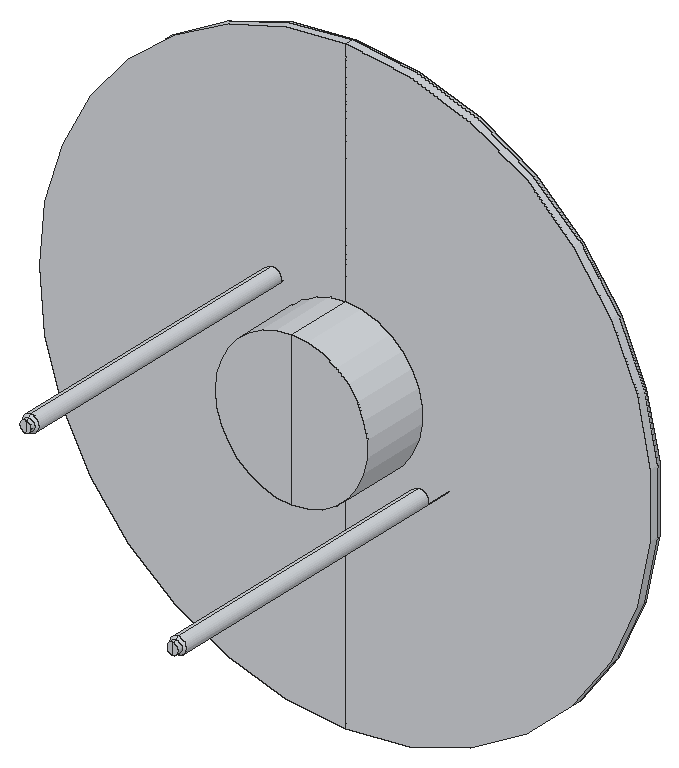
Revit family "CPT-12001W", category Plumbing Fixtures, host Wall, Revit 2023
Family settings
  Host = Wall
  Round Connector Dimension = Use Diameter
  Part Type = Normal
  OmniClass Number = 23.45.00.00
  OmniClass Title = Sanitary, Laundry, and Cleaning Equipment
  Enable Cutting in Views = No
  Always vertical = Yes
  Cut with Voids When Loaded = No
  Maintain Annotation Orientation = No
  Shared = No
  Room Calculation Point = No
Parameters
  Material = Steel
  Default Elevation = 0' - 0"
Reference planes (in)
  plane 1: y = 0
  plane 2 "Center (Left/Right)": x = -0.47711
  plane 3 "Back": y = 3
Lines and regions (in)
  symbolic lines, not visible
    curve 1: line (-0.47711, 3, 3.5) -> (-0.47711, 3, 4.25)
    curve 2: line (-0.47711, 3, 4.25) -> (-0.47711, 6.55922, 4.25)
    curve 3: line (-0.47711, 6.55922, -1.55804) -> (-0.47711, 6.55922, 4.25)
    curve 4: line (-0.47711, 3, 4.25) -> (-0.47711, 3, 4.5)
    curve 5: line (-0.47711, 3, 4.25) -> (-0.47711, 2.82322, 4.42678)
    curve 6: line (-0.47711, 3, 4.25) -> (-0.47711, 3.17678, 4.07322)
    curve 7: line (-0.47711, 6.55922, 4.25) -> (-0.47711, 6.55922, 4.5)
    curve 8: line (-0.47711, 6.55922, 4.25) -> (-0.47711, 6.38244, 4.42678)
    curve 9: line (-0.47711, 6.55922, 4.25) -> (-0.47711, 6.73599, 4.07322)
Text (in)
  text "Placement Side" at (-70.3804, 45.82615, 0), in view "Ref. Level"
  text "3- 4" at (0, 4.38851, 4.41305), in view "Left"
  text "3- 4" at (0, 5.07289, 4.41047), in view "Right"
  text "⌀" at (0, 6.61137, 0.16738), in view "Left"
  text "⌀" at (0, 7.73139, 0.17497), in view "Right"
Dimensions and locks (in)
  locked: plane 3 "Back" to host wall
  nested 1 to nested 1 = 0' - 1.75806"  (x2)
  nested 1 to nested 1 = 0' - 4.37398"  (x2)
  diameter of nested 1 = 0' - 7"
Nested families (in)
  nested 1: "CPT-12001" at (-0.47711, 3, 0) x (-1, 0, 0) z (0, 1, 0), type "CPT-12001"
Definition of nested family "CPT-12001"
  Parameters (values of type "CPT-12001")
    Material = none
    Default Elevation = 4' - 0"
  Reference planes (in)
    plane 1 "Center (Front/Back)": y = 0
    plane 2: z = 0
    plane 3 "Center (Left/Right)": x = 0
  Forms (in)
    Extrusion 1, solid
      sketch origin (0, 0, 0) x (1, 0, 0) y (0, 1, 0)
        loop
          line (-48, 48) -> (-48, -48) -> (48, -48) -> (48, 48) -> (-48, 48)
      from 0 to -12
    Revolve 2, solid, material <- "Material"
      sketch origin (0, 0, 0) x (0, 1, 0) y (0, 0, 1)
        loop
          line (3.5, 0) -> (3.49658, 0.09795)
          arc (3.49658, 0.09795) -> (3.48338, 0.13839) -> (3.45069, 0.16562) r 0.07684
          arc (3.45069, 0.16562) -> (2.92542, 0.33409) -> (2.37674, 0.39105) r 2.67078
          line (2.37674, 0.39105) -> (0.87903, 0.39105) -> (0.87903, 1.03637)
          arc (0.87903, 1.03637) -> (0.87262, 1.05185) -> (0.85714, 1.05826) r 0.02189
          line (0.85714, 1.05826) -> (0.78777, 1.05826) -> (0.78777, 1.09483) -> (0.87903, 1.09483) -> (0.87903, 1.2925) -> (0, 1.2925) -> (0, 0) -> (3.5, 0)
        axis (0, 0) -> (0, 1.2925)
      angle from 0 to 360
    SweptBlend 3, solid, material <- "Material"
      path origin (0, 0, 0) x (0, 1, 0) y (0, 0, 1)
        loop
          arc (-2.07813, 3.29158) -> (-0.61364, 2.73428) -> (0, 1.2925) r 2.00058
      profile origin (0, -2.07813, 3.29158) x (0, -0.03876, 0.999249) y (1, 0, 0)
        loop
          circle (0, 0) r 0.21435
      end profile origin (0, 0, 1.2925) x (1, 0, 0) y (0, 1, 0)
        loop
          circle (0, 0) r 0.87903
    SweptBlend 4, solid, material <- "Material"
      path origin (0, 0, 0) x (0, 1, 0) y (0, 0, 1)
        loop
          arc (-3.54971, 3.10965) -> (-2.65192, 3.25053) -> (-1.7444, 3.29819) r 8.81209
      profile origin (0, -3.54971, 3.10965) x (0, -0.205757, 0.978603) y (1, 0, 0)
        loop
          circle (0, 0) r 0.29194
      end profile origin (0, -1.7444, 3.29819) x (0, -0.000889, 1) y (1, 0, 0)
        loop
          circle (0, 0) r 0.25
    Extrusion 5, void
      sketch origin (0, 0, 0) x (0, 1, 0) y (0, 0, 1)
        loop
          line (-3.28204, 3.53184) -> (-3.70233, 3.53184) -> (-3.70233, 2.79422) -> (-3.45233, 2.79422) -> (-3.28204, 3.53184)
      from -1 to 1
    Extrusion 6, void
      sketch origin (0, 0, 0.39105) x (-1, 0, 0) y (0, 1, 0)
        loop
          circle (0.83984, -0.83958) r 0.23598
        loop
          circle (-0.83984, 0.83958) r 0.23598
        loop
          circle (-0.83984, 0.83958) r 0.17348
        loop
          circle (0.83984, -0.83958) r 0.17348
        loop
          circle (1.27306, 1.52358) r 0.09702
        loop
          circle (1.54751, 1.24933) r 0.08996
        loop
          circle (1.76125, 0.92761) r 0.08507
        loop
          circle (1.90756, 0.56521) r 0.07991
        loop
          circle (1.97926, 0.18881) r 0.07692
        loop
          circle (1.98195, -0.19771) r 0.06721
        loop
          circle (1.90727, -0.58008) r 0.06273
        loop
          circle (1.75921, -0.9384) r 0.0584
        loop
          circle (1.54704, -1.26507) r 0.05493
        loop
          circle (1.27638, -1.53969) r 0.0481
      from 0 to 0.25
    Extrusion 7, void
      sketch origin (0, 0, 0.39105) x (-1, 0, 0) y (0, 1, 0)
        loop
          line (-0.81223, 0.87015) -> (-0.81223, 0.93954)
          arc (-0.81223, 0.93954) -> (-0.84139, 0.9463) -> (-0.87056, 0.93954) r 0.06631
          line (-0.87056, 0.93954) -> (-0.87056, 0.87015) -> (-0.94275, 0.87015)
          arc (-0.94275, 0.87015) -> (-0.9502, 0.83958) -> (-0.94275, 0.80902) r 0.06641
          line (-0.94275, 0.80902) -> (-0.87056, 0.80902) -> (-0.87056, 0.73959)
          arc (-0.87056, 0.73959) -> (-0.83984, 0.73286) -> (-0.80948, 0.74102) r 0.06641
          line (-0.80948, 0.74102) -> (-0.80948, 0.80902) -> (-0.73996, 0.80902)
          arc (-0.73996, 0.80902) -> (-0.73251, 0.83958) -> (-0.73996, 0.87015) r 0.06641
          line (-0.73996, 0.87015) -> (-0.81223, 0.87015)
        loop
          line (0.81223, -0.87015) -> (0.81223, -0.93954)
          arc (0.81223, -0.93954) -> (0.84139, -0.9463) -> (0.87056, -0.93954) r 0.06631
          line (0.87056, -0.93954) -> (0.87056, -0.87015) -> (0.94275, -0.87015)
          arc (0.94275, -0.87015) -> (0.9502, -0.83958) -> (0.94275, -0.80902) r 0.06641
          line (0.94275, -0.80902) -> (0.87056, -0.80902) -> (0.87056, -0.73959)
          arc (0.87056, -0.73959) -> (0.83984, -0.73286) -> (0.80948, -0.74102) r 0.06641
          line (0.80948, -0.74102) -> (0.80948, -0.80902) -> (0.73996, -0.80902)
          arc (0.73996, -0.80902) -> (0.73251, -0.83958) -> (0.73996, -0.87015) r 0.06641
          line (0.73996, -0.87015) -> (0.81223, -0.87015)
      from 0 to 0.0625
    Revolve 8, solid, material <- "Material"
      sketch origin (0, 0, 0) x (0, 1, 0) y (0, 0, 1)
        loop
          line (-3.37224, 3.14116) -> (-3.30151, 3.44753)
          arc (-3.30151, 3.44753) -> (-3.46781, 3.35245) -> (-3.55995, 3.1845) r 0.35292
          line (-3.55995, 3.1845) -> (-3.37224, 3.14116)
        axis (-3.37224, 3.14116) -> (-3.55995, 3.1845)
      angle from 0 to 360
    Extrusion 9, void
      sketch origin (0, -0.08476, 0) x (0, 1, 0) y (0, 0, 1)
        loop
          line (-3.26174, 3.53184) -> (-3.70233, 3.53184) -> (-3.70233, 2.79422) -> (-3.43204, 2.79422) -> (-3.26174, 3.53184)
      from -1 to 1
    Revolve 10, solid, material <- "Material"
      sketch origin (-0.83984, -1.07557, 48) x (0, 1, 0) y (0, 0, 1)
        loop
          line (0.23598, -47.67145) -> (0.14223, -47.67145) -> (0.14223, -51.44205) -> (0.1719, -51.47172) -> (0.1719, -51.51915) -> (0.23598, -51.51915) -> (0.23598, -47.67145)
        axis (0.23598, -51.51915) -> (0.23598, -47.67145)
      angle from 0 to 360
    Revolve 11, solid, material <- "Material"
      sketch origin (0.83984, -1.07557, 48) x (0, 1, 0) y (0, 0, 1)
        loop
          line (1.91515, -47.67145) -> (1.91515, -51.51915) -> (1.97923, -51.51915) -> (1.97923, -51.47172) -> (2.0089, -51.44205) -> (2.0089, -47.67145) -> (1.91515, -47.67145)
        axis (1.91515, -51.51915) -> (1.91515, -47.67145)
      angle from 0 to 360
    Revolve 12, solid, material <- "Material"
      sketch origin (0, 0, 0) x (0, 1, 0) y (0, 0, 1)
        loop
          line (0, 0) -> (0, -0.77504) -> (0.86878, -0.77504) -> (0.86878, 0) -> (0, 0)
        axis (0, 0) -> (0, -0.77504)
      angle from 0 to 360
  Cuts and joins
    Extrusion 9 cuts SweptBlend 3
    Extrusion 5, Extrusion 9 cuts SweptBlend 4
    joined: SweptBlend 3, SweptBlend 4
    Extrusion 6, Extrusion 7 cuts Revolve 2
    Extrusion 9 cuts Revolve 8
  Dimensions and locks (in)
    aligned and locked: plane 2 to Extrusion 1
    aligned and locked: level to Extrusion 1
